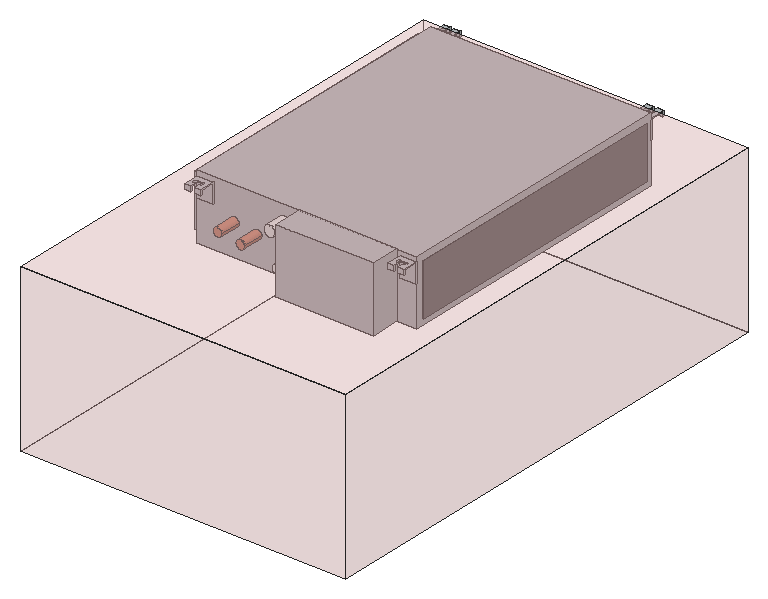
Revit family "PEFY-WP32VMS1-E_Service_Area1", category Mechanical Equipment, host Ceiling, Revit 2012
Parameters (values of type "PEFY-WP32VMS1-E_240V_60Hz")
  Description = "Ceiling concealed"
  Manufacturer = "Mitsubishi Electric Corporation"
  Model = "PEFY-WP32VMS1-E"
  Width = 990 mm
  Water Pipe_radius (To HBC Unit) = 13.2 mm
  Water Pipe_radius (From HBC Unit) = 13.2 mm
  WarrantyStart = ""
  Voltage = 240 V
  Unit Weight (kg) = 25
  URL = "http://www.mitsubishielectric.com/"
  TagNumber = 0
  Subcategory = "HVAC"
  Space View = yes
  Sound Pressure Level_Mid (dB(A)) = 30
  Sound Pressure Level_Low (dB(A)) = 28
  Sound Pressure Level_High (dB(A)) = 33
  SerialNumber = 0
  ReplacementYear = ""
  Protection Device = "Fuse"
  Phase = 1
  Maximum Circuit Ampacity (A) = 0.82
  InstallationDate = ""
  Hertz = 60 Hz
  Height = 200 mm
  Heating Power Input (kW) = 0.051
  Heating Current (A) = 0.5
  Heating Capacity (kW) = 4
  Fan_Type = "Sirocco fan"
  Fan_Quantity = 3
  Fan Motor Output (kW) = 0.096
  External_static_pressure (Pa) = "5-15-35-50"
  External Finish = "Galvanized steel plate"
  Equip_description = ""
  Equip_No. = 0
  Equip_ID = ""
  Drain pipe2_radius = 16 mm
  Drain pipe1_radius = 16 mm
  Description = ""
  Depth = 700 mm
  CreatedOn = ""
  CreatedBy = ""
  Cooling Power Input (kW) = 0.071
  Cooling Current (A) = 0.61
  Cooling Capacity (kW) = 3.6
  Category = ""
  Barcode = ""
  AssetIdentifier = ""
  Airflow Rate_Mid (m3/min) = 9
  Airflow Rate_Mid (m3/h) = 540
  Airflow Rate_Low (m3/min) = 8
  Airflow Rate_Low (m3/h) = 480
  Airflow Rate_High (m3/min) = 11
  Airflow Rate_High (m3/h) = 660
Types (6, lengths in mm): name | Voltage | Maximum Circuit Ampacity (A) | Hertz
  PEFY-WP32VMS1-E_220V_50Hz | 220 V | 0.83 | 50 Hz
  PEFY-WP32VMS1-E_220V_60Hz | 220 V | 0.82 | 60 Hz
  PEFY-WP32VMS1-E_230V_50Hz | 230 V | 0.83 | 50 Hz
  PEFY-WP32VMS1-E_230V_60Hz | 230 V | 0.82 | 60 Hz
  PEFY-WP32VMS1-E_240V_50Hz | 240 V | 0.83 | 50 Hz
  PEFY-WP32VMS1-E_240V_60Hz | 240 V | 0.82 | 60 Hz
Reference planes
  plane 1 "Center (Front/Back)": y = 0
  plane 2: z = 0
  plane 3 "Center (Left/Right)": x = 0
  plane 4 "Ceiling": z = 3750
  plane 5: z = 4050
  plane 6: z = 4250
  plane 7: y = -450
  plane 8: y = 350
  plane 9: y = 450
  plane 10: z = 4235
  plane 11: x = 325
  plane 12: x = 350
  plane 13: x = -300
  plane 14: x = -350
  plane 15: z = 4230
  plane 16: x = -57
  plane 17: z = 4202
  plane 18: z = 4080
  plane 19: x = -211
  plane 20: x = -141
  plane 21: z = 4148
  plane 22: z = 4138
  plane 23: y = -30
  plane 24: y = -1100
  plane 25: y = -540
Forms (mm)
  Extrusion 1, solid, material "Plated steel"
    sketch origin (88.259, -237.375, 3750) x (1, 0, 0) y (0, 1, 0)
      loop
        line (-415.259, 687.375) -> (-415.259, -212.625) -> (261.741, -212.625) -> (261.741, 687.375) -> (-415.259, 687.375)
    from 300 to 500
  Extrusion 2, solid, material "Service space", visible <- "Space View"
    sketch origin (-2000, 6100, 4050) x (0, 1, 0) y (1, 0, 0)
      loop
        line (-7200, 1650) -> (-5650, 1650) -> (-5650, 2650) -> (-7200, 2650) -> (-7200, 1650)
    from 300 to -210
  Extrusion 3, solid
    sketch origin (0, 100, 0) x (0, 1, 0) y (0, 0, 1)
      loop
        line (-530, 4230) -> (-530, 4071) -> (330, 4071) -> (330, 4230) -> (-530, 4230)
    from 350 to 355
  Extrusion 4, solid
    sketch origin (-350, 100, 4250) x (0, 0, 1) y (0, -1, 0)
      loop
        line (-20, 530) -> (-179, 530) -> (-179, -330) -> (-20, -330) -> (-20, 530)
    from 0 to 23
  Extrusion 5, solid
    sketch origin (794.259, -450, 3750) x (-1, 0, 0) y (0, 0, -1)
      loop
        circle (851.259, -452) r 16
    from 0 to 57
  Extrusion 6, solid
    sketch origin (794.259, -450, 3750) x (-1, 0, 0) y (0, 0, -1)
      loop
        circle (851.259, -330) r 16
    from 0 to 25
  Extrusion 7, solid
    sketch origin (794.259, -450, 3750) x (-1, 0, 0) y (0, 0, -1)
      loop
        line (505.751, -500) -> (805.751, -500) -> (805.751, -300) -> (505.751, -300) -> (505.751, -500)
    from 0 to 90
  Extrusion 8, solid
    sketch origin (794.259, -450, 3750) x (-1, 0, 0) y (0, 0, -1)
      loop
        circle (1005.259, -398) r 13.2
      loop
        circle (935.259, -388) r 13.2
    from 0 to 64
Lines and regions (mm)
  model lines
    curve 1: line (-300, 300, 3750) -> (150, 300, 3750)
    curve 2: line (-300, -150, 3750) -> (-300, 300, 3750)
    curve 3: line (150, -150, 3750) -> (-300, -150, 3750)
    curve 4: line (150, 300, 3750) -> (150, -150, 3750)
    curve 5: line (125, -650, 3750) -> (575, -650, 3750)
    curve 6: line (125, -1100, 3750) -> (125, -650, 3750)
    curve 7: line (575, -1100, 3750) -> (125, -1100, 3750)
    curve 8: line (575, -650, 3750) -> (575, -1100, 3750)
Dimensions and locks
  equal spacing: host sketch curve, plane 3 "Center (Left/Right)", host sketch curve
  equal spacing: host sketch curve, plane 1 "Center (Front/Back)", host sketch curve
  host sketch curve to host sketch curve = 4000 mm  (x2)
  locked: plane 4 "Ceiling" to host ceiling at 0
  Extrusion 1 to Extrusion 1 = 900 mm
  Extrusion 1 to plane 1 "Center (Front/Back)" = 450 mm
  plane 5 to Extrusion 1 = 200 mm
  plane 6 to plane 5 = 200 mm
  plane 4 "Ceiling" to plane 5 = 300 mm
  Extrusion 1 to Extrusion 1 = 677 mm
  plane 7 to plane 9 = 900 mm
  locked: plane 10 to plane 6 at 15
  locked: plane 15 to plane 6 at 20
  locked: Extrusion 3 to plane 15 at 159
  locked: Extrusion 4 to plane 15 at 159
  plane 6 to plane 17 to plane 18 = 48 mm locked, 122 mm locked
  locked: Extrusion 7 to Extrusion 7 at 200
  plane 6 to plane 21 to plane 22 = 102 mm locked, 10 mm locked
  aligned and locked: plane 5 to Extrusion 1
  aligned and locked: Extrusion 1 to plane 6
  aligned and locked: plane 7 to Extrusion 1
  aligned and locked: plane 9 to Extrusion 1
  aligned and locked: nested 1 to Extrusion 1
  aligned and locked: nested 1 to plane 13
  aligned and locked: nested 1 to plane 10
  aligned and locked: nested 2 to plane 10
  aligned and locked: plane 10 to nested 4
  aligned and locked: plane 10 to nested 3
  aligned and locked: nested 4 to plane 9
  aligned and locked: nested 3 to plane 9
  aligned and locked: Extrusion 3 to plane 15
  aligned and locked: Extrusion 4 to plane 15
  aligned and locked: plane 7 to nested 2
  aligned and locked: plane 17 to Extrusion 5
  aligned and locked: plane 18 to Extrusion 6
  aligned and locked: Extrusion 7 to plane 6
  aligned and locked: plane 21 to Extrusion 8
  aligned and locked: plane 22 to Extrusion 8
Nested families
  nested 1: "LEG" at (-300, -476, 4235), type "LEG_28"
  nested 2: "LEG" at (325, -476, 4235), type "LEG_28"
  nested 3: "LEG" at (-300, 476, 4235), type "LEG_28"
  nested 4: "LEG" at (325, 476, 4235), type "LEG_28"
Connectors
  piping at (-57, -507, 4202), driven by "Drain pipe1_radius"
    settings: on Extrusion 5, index 1, connector radius 16 mm, flow factor 0, pipe flow 0.0 L/s, pressure drop 0.0 Pa, fitting loss kfactor 0, connector angle 0.00°, fixture units 0, engagement length 0 mm, flow configuration 0, flow direction 2, fitting loss method 0, system type 22, joint type 0, gender type 0, connector reference index -1, connector utility 0, adjustable connector no, is connector primary yes, fitting loss table "", connector description "Drain pipe"
  piping at (-57, -475, 4080), driven by "Drain pipe2_radius"
    settings: on Extrusion 6, index 2, connector radius 16 mm, flow factor 0, pipe flow 0.0 L/s, pressure drop 0.0 Pa, fitting loss kfactor 0, connector angle 0.00°, fixture units 0, engagement length 0 mm, flow configuration 0, flow direction 2, fitting loss method 0, system type 22, joint type 0, gender type 0, connector reference index -1, connector utility 0, adjustable connector no, is connector primary no, fitting loss table "", connector description "Drain pipe"
  piping at (-141, -514, 4138)
    settings: on Extrusion 8, index 3, connector radius 13.2 mm, flow factor 0, pipe flow 0.0 L/s, pressure drop 0.0 Pa, fitting loss kfactor 0, connector angle 0.00°, fixture units 0, engagement length 0 mm, flow configuration 0, flow direction 1, fitting loss method 0, system type 22, joint type 0, gender type 0, connector reference index -1, connector utility 0, adjustable connector no, is connector primary no, fitting loss table "", connector description "Water pipe(From HBC unit)"
  piping at (-211, -514, 4148)
    settings: on Extrusion 8, index 4, connector radius 13.2 mm, flow factor 0, pipe flow 0.0 L/s, pressure drop 0.0 Pa, fitting loss kfactor 0, connector angle 0.00°, fixture units 0, engagement length 0 mm, flow configuration 0, flow direction 2, fitting loss method 0, system type 22, joint type 0, gender type 0, connector reference index -1, connector utility 0, adjustable connector no, is connector primary no, fitting loss table "", connector description "Water pipe(To HBC unit)"
  hvac at (355, 0, 4150.5)
    settings: on Extrusion 3, index 5, duct flow 0.0 L/s, flow factor 0, pres drop 0.0 Pa, loss coef 0, conn angle 0.00°, conn width 860 mm, conn height 160 mm, conn radius 304.8 mm, duct sys type 1, conn prof type 1, flow config 0, flow direction 1, loss method 0, conn ref index -1, conn util no, is conn primary yes, conn desc "Air inlet"
  hvac at (-350, 0, 4150.5)
    settings: on Extrusion 4, index 6, duct flow 0.0 L/s, flow factor 0, pres drop 0.0 Pa, loss coef 0, conn angle 0.00°, conn width 860 mm, conn height 150 mm, conn radius 304.8 mm, duct sys type 3, conn prof type 1, flow config 0, flow direction 2, loss method 0, conn ref index -1, conn util no, is conn primary no, conn desc "Air outlet"
  electrical at (288.508, -495, 4150), driven by "Phase", driven by "Voltage"
    settings: on Extrusion 7, index 7, voltage 240 V, apparent load 0 VA, apparent load phase1 0 VA, apparent load phase2 0 VA, apparent load phase3 0 VA, power factor 1, load classification "Other", number of poles 1, system type 30, power factor state 1, is connector primary yes, connector utility no, sub classification motor no, connector description ""
Definition of nested family "LEG"
  Parameters (values of type "LEG_28")
    product distance = 28 mm
  Reference planes
    plane 1 "中心(正面/背面)": y = 0
    plane 2: z = 0
    plane 3 "中心(左/右)": x = 0
    plane 4: x = -25
    plane 5: x = 25
    plane 6: y = -23
    plane 7: y = 28
    plane 8: x = -8
    plane 9: x = 8
    plane 10: x = -6
    plane 11: x = 6
  Forms (mm)
    Extrusion 1, solid, material "Plated steel"
      sketch origin (0, 0, 0) x (1, 0, 0) y (0, 1, 0)
        loop
          line (-25, 26) -> (-25, -23) -> (25, -23) -> (25, 26) -> (-25, 26)
      from 0 to -60
    Extrusion 2, void
      sketch origin (0, 0, 0) x (0, 1, 0) y (0, 0, 1)
        loop
          line (-20.7, -2.3) -> (-20.7, -15) -> (-23, -15) -> (-23, -60) -> (24, -60) -> (24, -2.3) -> (-20.7, -2.3)
      from -25 to 25
    Extrusion 3, void
      sketch origin (0, 0, 0) x (1, 0, 0) y (0, 1, 0)
        loop
          arc (-8, 7) -> (-15, 0) -> (-8, -7) r 7
          line (-8, -7) -> (-6, -7) -> (-6, -23) -> (6, -23) -> (6, -7) -> (8, -7)
          arc (8, -7) -> (15, 0) -> (8, 7) r 7
          line (8, 7) -> (-8, 7)
      from 0 to -60
  Cuts and joins
    Extrusion 2, Extrusion 3 cuts Extrusion 1
  Dimensions and locks
    locked: Extrusion 1 sketch curve to Extrusion 1 sketch curve at 50
    equal spacing: Extrusion 1 sketch curve, plane 3 "中心(左/右)", Extrusion 1 sketch curve
    locked: plane 6 to plane 1 "中心(正面/背面)" at 23
    "product distance": plane 1 "中心(正面/背面)" to plane 7
    plane 7 to Extrusion 2 sketch curve = 4 mm
    locked: cut or joined group of Extrusion 1, Extrusion 2, Extrusion 3 to cut or joined group of Extrusion 1, Extrusion 2, Extrusion 3 at 2.3  (x2)
    aligned and locked: level to plane 2
    aligned and locked: Extrusion 2 to Extrusion 1
    aligned and locked: Extrusion 1 to Extrusion 2
    aligned and locked: Extrusion 2 sketch curve to cut or joined group of Extrusion 1, Extrusion 2, Extrusion 3  (x2)
    aligned and locked: cut or joined group of Extrusion 1, Extrusion 2, Extrusion 3 to Extrusion 3 sketch curve
    aligned and locked: plane 6 to Extrusion 1 sketch curve
  Automatic sketch dimensions
    Extrusion 2 sketch curve to plane 6 = 2.3 mm
    Extrusion 2 sketch curve to level = 15 mm
    Extrusion 2 sketch curve to level = 2.3 mm
    plane 1 "中心(正面/背面)" to Extrusion 3 sketch curve = 0 mm  (x2)
    Extrusion 3 sketch curve to plane 8 = 0 mm
    Extrusion 3 sketch curve to plane 10 = 0 mm
    Extrusion 3 sketch curve to plane 11 = 0 mm
    Extrusion 3 sketch curve to plane 9 = 0 mm  (x2)
    plane 1 "中心(正面/背面)" to Extrusion 3 sketch curve = 7 mm
    plane 7 to Extrusion 1 sketch curve = 2 mm
